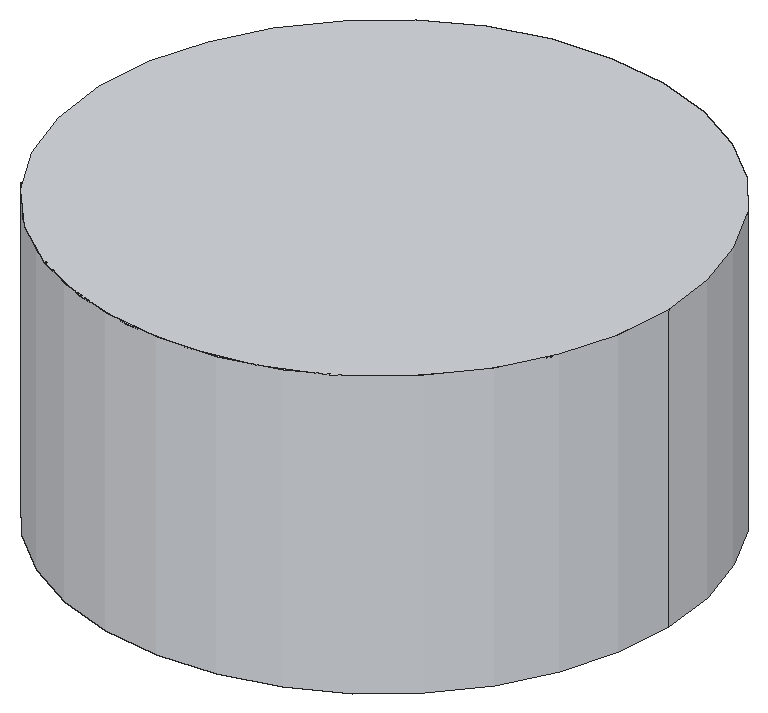
Revit family "10301200", category Specialty Equipment, Revit 2021
Family settings
  Round Connector Dimension = Use Diameter
  Part Type = Normal
  OmniClass Number = 23.40.40.14
  OmniClass Title = Food Service Equipment
  Work Plane-Based = No
  Always vertical = Yes
  Cut with Voids When Loaded = No
  Shared = No
  Room Calculation Point = No
Parameters (values of type "Standard")
  Width = 650 mm
  URL = "https://www.rustfriebergh.no/produkter/serveringsdisker/serveringsdisk-rbp/"
  Model = "10301200"
  Mass = 179 mm
  Manufacturer = "RUSTFRIE BERGH AS"
  Length = 802 mm
  Height = 1550 mm
  Description = "Serveingsdisk RBP-1200"
  Default Elevation = 0 mm
Reference planes
  plane 1 "Center (Front/Back)": y = 0
  plane 2: z = 0
  plane 3 "Center (Left/Right)": x = 0
Forms (mm)
  Extrusion 1, solid
    sketch origin (335.26, 224.293, 192.5) x (1, 0, 0) y (0, 1, 0)
      loop
        circle (0, 0) r 3.048
    from 0 to -3.048
Dimensions and locks
  aligned and locked: level to plane 2
Connectors
  electrical at (335.26, 224.293, 192.5)
    settings: on Extrusion 1, index 1, voltage 230 V, apparent load 750 VA, apparent load phase1 0 VA, apparent load phase2 0 VA, apparent load phase3 0 VA, power factor 0, load classification "Other", number of poles 1, system type 30, power factor state 1, is connector primary yes, connector utility no, sub classification motor no, connector description "230V 50/60HZ 3,26A"
